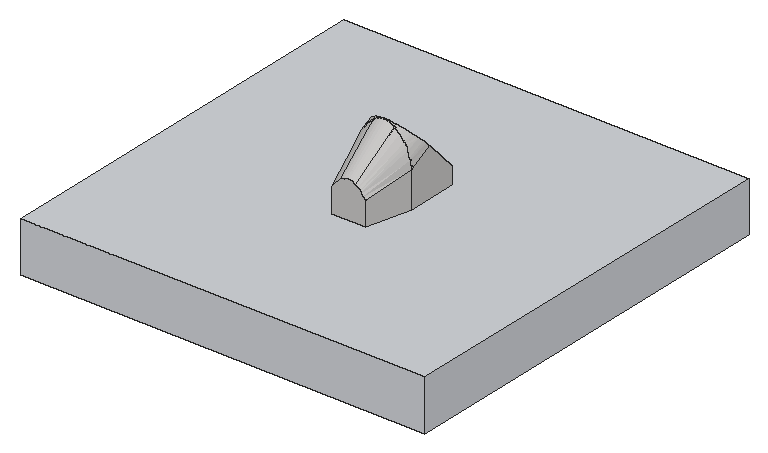
Revit family
Parameters (values of type "8944-W")
  Waste Connection = yes
  WFU = 0
  Voltage = 0
  Vent Connection = no
  URL = "http://www.neo-metro.com"
  Type Comments = ""
  Tempered Water Connection = no
  Revised Date = "03/28/13"
  Phone# = "626-336-4561"
  Model = "8944-W"
  Material = Stainless Steel
  Manufacturer = "Neo-Metro"
  HWFU = 0
  HW Connection = no
  Flush Valve By Others = no
  FV0.5-W - Manual Finish = no
  Designed By = "ATS BIM Team"
  Description = "Contour Urinal Wall Supply"
  Default Elevation = 20"
  CWFU = 0
  CW Connection = yes
  Assembly Code = "D2010210"
  Amperage = 0
  8944-W-HP - Mira Finish = no
  8944-W-EG22 - Matte Black Powder Coat = no
  8944-W-EG10 - White Gloss Powder Coat = no
  8944-W - Satin Finish = yes
Reference planes (in)
  plane 1 "Center (Front/Back)": y = 0
  plane 2: z = 0
  plane 3 "Center (Left/Right)": x = 0
  plane 4: y = -3.5966
  plane 5: z = 4
  plane 6: z = 17
  plane 7: x = -4
  plane 8: x = 4
  plane 9: y = 11.875
  plane 10: y = -10.625
Forms (in)
  Extrusion 1, solid
    sketch origin (0, 0, 0) x (1, 0, 0) y (0, 1, 0)
      loop
        line (-48, 48) -> (-48, -48) -> (48, -48) -> (48, 48) -> (-48, 48)
    from 0 to -12
  Revolve 2, solid
    sketch origin (0, -20, 0) x (0, 0, -1) y (0, 1, 0)
      loop
        line (0, 16.4034) -> (0.11064, 16.4034) -> (0.11064, 17.1534) -> (0, 17.1534) -> (0, 16.4034)
      axis (0.11064, 16.4034) -> (0, 16.4034)
    angle from 0 to 360
  Blend 3, solid, material "Stainless Steel" <- "Material"
    base sketch origin (0, -19.71935, 0) x (0, 0, 1) y (1, 0, 0)
      loop
        line (0, 6.5) -> (0, -6.5) -> (8.46091, -6.5)
        arc (8.46091, -6.5) -> (12.76872, -5.28283) -> (16.1867, -2.39212) r 10.57229
        arc (16.1867, -2.39212) -> (17, 0) -> (16.1867, 2.39212) r 3.92457
        arc (16.1867, 2.39212) -> (12.76872, 5.28283) -> (8.46091, 6.5) r 10.57229
        line (8.46091, 6.5) -> (0, 6.5)
    top sketch origin (0, -19.71935, 0) x (0, 0, 1) y (1, 0, 0)
      loop
        line (0, 4) -> (0, -4) -> (5.66255, -4)
        arc (5.66255, -4) -> (7.02955, -3.04929) -> (8.17427, -1.8401) r 8.13253
        arc (8.17427, -1.8401) -> (8.79988, 0) -> (8.17427, 1.8401) r 3.0189
        arc (8.17427, 1.8401) -> (7.02955, 3.04929) -> (5.66255, 4) r 8.13253
        line (5.66255, 4) -> (0, 4)
    from 19.71935 to 9.09435
  Blend 4, solid, material "Stainless Steel" <- "Material"
    base sketch origin (0, 0, 0) x (0, 0, 1) y (1, 0, 0)
      loop
        line (0, 6.5) -> (0, -6.5) -> (8.46091, -6.5)
        arc (8.46091, -6.5) -> (12.76872, -5.28283) -> (16.1867, -2.39212) r 10.57229
        arc (16.1867, -2.39212) -> (17, 0) -> (16.1867, 2.39212) r 3.92457
        arc (16.1867, 2.39212) -> (12.76872, 5.28283) -> (8.46091, 6.5) r 10.57229
        line (8.46091, 6.5) -> (0, 6.5)
    top sketch origin (0, 0, 0) x (0, 0, 1) y (1, 0, 0)
      loop
        line (0, 6.5) -> (0, -6.5) -> (14.02106, -6.5)
        arc (14.02106, -6.5) -> (18.32888, -5.28283) -> (21.74685, -2.39212) r 10.57229
        arc (21.74685, -2.39212) -> (22.56015, 0) -> (21.74685, 2.39212) r 3.92457
        arc (21.74685, 2.39212) -> (18.32888, 5.28283) -> (14.02106, 6.5) r 10.57229
        line (14.02106, 6.5) -> (0, 6.5)
    from 0 to 11.875
  Extrusion 5, void
    sketch origin (0, -19.71935, 0) x (0, 0, 1) y (0, 1, 0)
      loop
        line (4, 31.59435) -> (17, 19.71935) -> (22.64429, 31.59435) -> (4, 31.59435)
    from -6.5 to 6.5
  Revolve 6, void
    sketch origin (0, 12.11667, 4.33958) x (0, -0.67559, 0.737277) y (1, 0, 0)
      loop
        line (17.11973, 0) -> (1.80081, 0)
        arc (1.80081, 0) -> (1.84055, -0.90193) -> (1.95949, -1.79687) r 10.25305
        arc (1.95949, -1.79687) -> (3.38167, -4.52343) -> (6.10824, -5.94562) r 5.12652
        arc (6.10824, -5.94562) -> (10.96167, -5.78405) -> (15.32978, -3.66238) r 11.67832
        arc (15.32978, -3.66238) -> (16.6483, -2.03819) -> (17.11973, 0) r 4.64172
      axis (1.80081, 0) -> (17.11973, 0)
    angle from 0 to 180
Cuts and joins
  Extrusion 5, Revolve 6 cuts Blend 4
  Revolve 6 cuts Blend 3
Dimensions and locks (in)
  plane 2 to plane 5 = 4"
  plane 2 to plane 6 = 17"
  plane 7 to plane 8 = 8"
  plane 10 to plane 9 = 22 1/2"
  aligned and locked: plane 2 to Extrusion 1
  aligned and locked: level to Extrusion 1
Connectors (in)
  piping at (0, -3.5966, -0.11064)
    settings: on Revolve 2, index 3
